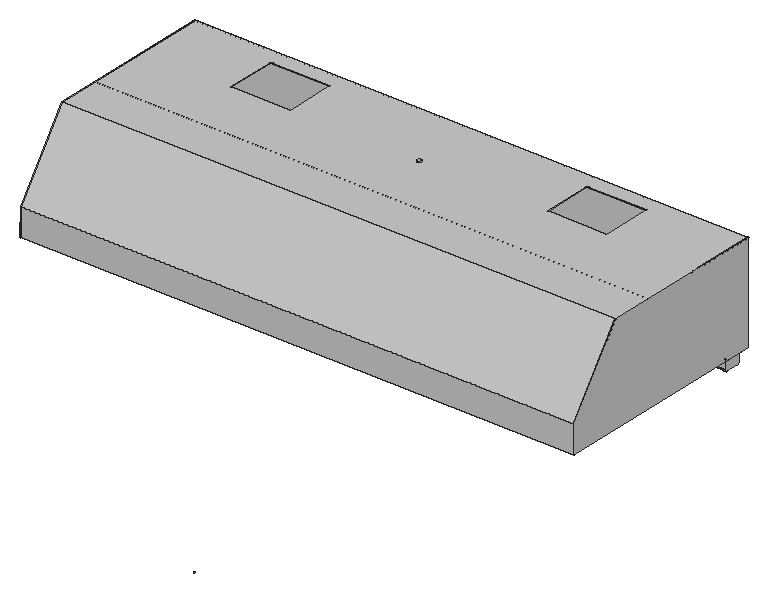
Revit family "QF_ELECTROLUXPROFESSIONAL_644224_ABPV1128BT", category Attrezzature speciali, Revit 2021
Family settings
  Quota connettore circolare = Usa diametro
  Tipo di parte = Normale
  Basato su piano di lavoro = No
  Sempre verticale = Sì
  Taglio con vuoti quando caricato = No
  Condiviso = No
  Punto di calcolo locali = No
Parameters (values of type "Standard")
  Weight = 100.00 kg
  Watts = 840 W
  Volts = 220 V
  URL Manufacturer = "https://www.electroluxprofessional.com/"
  URL = "https://www.electroluxprofessional.com/"
  Steam Supply Size = 0 mm
  Steam Supply Minimum Pressure = 0.0 Pa
  Steam Supply Maximum Pressure = 0.0 Pa
  Steam Consumption per Hour = 0
  Refrigeration Suction Line Size = 0 mm
  Refrigeration Liquid Line Size = 0 mm
  Refrigerant Compressor Remote = yes
  Prospetto di default = 0 mm
  Produttore = "Electrolux Professional"
  Phase = 1
  Modello = "ABPV1128BT"
  Length Actual = 2800 mm  # constant formula
  Item Number = "644224"
  Hot Water Size = 0 mm
  Height Actual = 500 mm  # constant formula
  HP = "1.1 HP"
  Gas Size = 0 mm
  Gas KW = 0
  Gas Input Pressure = 0 W
  Direct Waste Size = 0 mm
  Descrizione = "430 S/S WALL HOOD+FILTER+FAN 2800X1100MM"
  Depth Actual = 1100 mm  # constant formula
  Cycle = 50 Hz
  Condensate Return Size = 0 mm
  Compressed Air Volume = 0.0 L/s
  Compressed Air Size = 0 mm
  Compressed Air Pressure = 0.0 Pa
  Cold Water Size = 0 mm
  Accessory = yes
Reference planes
  plane 1 "Center (Front/Back)": y = 0
  plane 2: z = 0
  plane 3 "Center (Left/Right)": x = 150
  plane 4 "LEFT": x = -1250
  plane 5 "RIGHT": x = 1550
  plane 6 "BACK": y = 550
  plane 7 "FRONT": y = -550
  plane 8 "TOP": z = 2500
  plane 9 "Base": z = 2000
  plane 10: z = 1926
  plane 11 "DrainY": y = 485
  plane 12: x = -1247
  plane 13: through (0, 414.509, 2000.8) normal (0, 0.7314, 0.682)
  plane 14: y = 470
  plane 15: y = 220
  plane 16 "DrainX": x = 1430
  plane 17: x = -500
  plane 18: x = 800
  plane 19: x = -800
  plane 20: x = 1100
  plane 21: x = 1547
  plane 22: x = 1340
  plane 23: x = 1520
  plane 24: x = -1210
  plane 25: x = -845
  plane 26: x = -450
  plane 27: x = 1510
  plane 28: x = 1145
  plane 29: x = 750
  plane 30: z = 2140
  plane 31: y = -290
Forms (mm)
  Extrusion 1, solid, material "QF_Finishes_Stainless Steel"
    sketch origin (-1250, 0, 360) x (0, 1, 0) y (0, 0, 1)
      loop
        line (550, 1640) -> (550, 2140) -> (-290, 2140) -> (-550, 1780) -> (-550, 1640) -> (550, 1640)
    from 0 to 3
  Extrusion 2, solid, material "QF_Finishes_Stainless Steel"
    sketch origin (150, 0, 360) x (0, 1, 0) y (0, 0, 1)
      loop
        line (415.255, 1640) -> (550, 1640) -> (550, 2139.19) -> (549.2, 2139.19) -> (549.2, 1640.8) -> (415.876, 1640.8) -> (339.347, 1722.867) -> (349.609, 1732.436) -> (348.927, 1733.167) -> (337.934, 1722.917) -> (415.255, 1640)
      loop
        line (-82.203, 2139.19) -> (-82.203, 2118.6) -> (-31.047, 2118.6) -> (34.354, 2048.466) -> (46.028, 2059.352) -> (45.346, 2060.083) -> (34.403, 2049.879) -> (-30.612, 2119.6) -> (-81.203, 2119.6) -> (-81.203, 2139.19) -> (-82.203, 2139.19)
    from -1397 to 1397
  Extrusion 3, solid, material "QF_Finishes_Stainless Steel"
    sketch origin (1550, 0, 360) x (0, 1, 0) y (0, 0, 1)
      loop
        line (550, 1640) -> (550, 2140) -> (-290, 2140) -> (-550, 1780) -> (-550, 1640) -> (550, 1640)
    from 0 to -3
  Extrusion 4, solid, material "QF_Finishes_Stainless Steel"
    sketch origin (150, 0, 360) x (0, 1, 0) y (0, 0, 1)
      loop
        line (550, 2139.19) -> (550, 2140) -> (-290, 2140) -> (-550, 1780) -> (-550, 1640) -> (-549.2, 1640) -> (-549.2, 1779.741) -> (-289.598, 2139.19) -> (550, 2139.19)
    from -1400 to 1400
  Extrusion 5, solid, material "QF_Finishes_Stainless Steel"
    sketch origin (150, 0, 360) x (0, 1, 0) y (0, 0, 1)
      loop
        line (534, 1640) -> (436, 1640) -> (436, 1627) -> (443.5, 1627) -> (443.5, 1576)
        arc (443.5, 1576) -> (446.429, 1568.929) -> (453.5, 1566) r 10
        line (453.5, 1566) -> (516.5, 1566)
        arc (516.5, 1566) -> (523.571, 1568.929) -> (526.5, 1576) r 10
        line (526.5, 1576) -> (526.5, 1627) -> (534, 1627) -> (534, 1640)
    from 1190 to 1370
  Extrusion 6, solid, material "QF_Finishes_Stainless Steel"
    sketch origin (0, 0, 2000) x (0, 1, 0) y (-1, 0, 0)
      loop
        circle (485, -1430) r 20
    from -76 to -74
  Extrusion 7, solid, material "QF_Finished_Chrome"
    sketch origin (150, 0, 360) x (0, 1, 0) y (0, 0, 1)
      loop
        line (337.934, 1722.917) -> (341.591, 1726.327) -> (38.011, 2051.876) -> (34.354, 2048.466) -> (337.934, 1722.917)
    from -995 to -1360
  Extrusion 8, solid, material "QF_Finished_Chrome"
    sketch origin (150, 0, 360) x (0, 1, 0) y (0, 0, 1)
      loop
        line (337.934, 1722.917) -> (341.591, 1726.327) -> (38.011, 2051.876) -> (34.354, 2048.466) -> (337.934, 1722.917)
    from 600 to -600
  Extrusion 9, solid, material "QF_Finishes_Stainless Steel"
    sketch origin (150, 0, 360) x (0, 1, 0) y (0, 0, 1)
      loop
        line (337.934, 1722.917) -> (341.591, 1726.327) -> (38.011, 2051.876) -> (34.354, 2048.466) -> (337.934, 1722.917)
    from 1397 to 1360
  Extrusion 10, solid, material "QF_Finishes_Stainless Steel"
    sketch origin (150, 0, 360) x (0, 1, 0) y (0, 0, 1)
      loop
        line (341.588, 1726.324) -> (38.009, 2051.874) -> (34.354, 2048.466) -> (337.934, 1722.917) -> (341.588, 1726.324)
    from -995 to -600
  Extrusion 11, solid, material "QF_Finished_Chrome"
    sketch origin (150, 0, 360) x (0, 1, 0) y (0, 0, 1)
      loop
        line (341.588, 1726.324) -> (38.009, 2051.874) -> (34.354, 2048.466) -> (337.934, 1722.917) -> (341.588, 1726.324)
    from 995 to 1360
  Extrusion 12, void
    sketch origin (0, 0, 2500) x (0, 1, 0) y (-1, 0, 0)
      loop
        line (470, 800) -> (220, 800) -> (220, 500) -> (470, 500) -> (470, 800)
    from 0 to -10
  Extrusion 13, void
    sketch origin (940, 0, 2500) x (0, 1, 0) y (-1, 0, 0)
      loop
        line (470, 140) -> (220, 140) -> (220, -160) -> (470, -160) -> (470, 140)
    from 0 to -10
  Extrusion 14, solid, material "QF_Finishes_Stainless Steel"
    sketch origin (0, 0, 0) x (1, 0, 0) y (0, 1, 0)
      loop
        line (-1250, 550) -> (-1250, 549) -> (-1249, 549) -> (-1249, 550) -> (-1250, 550)
    from 0 to 1
  Extrusion 15, solid, material "QF_Finishes_Stainless Steel"
    sketch origin (150, 0, 360) x (0, 1, 0) y (0, 0, 1)
      loop
        line (337.934, 1722.917) -> (341.591, 1726.327) -> (38.011, 2051.876) -> (34.354, 2048.466) -> (337.934, 1722.917)
    from -1360 to -1397
  Extrusion 16, solid, material "QF_Finishes_Stainless Steel"
    sketch origin (150, 0, 360) x (0, 1, 0) y (0, 0, -1)
      loop
        line (341.588, -1726.324) -> (337.934, -1722.917) -> (34.354, -2048.466) -> (38.009, -2051.874) -> (341.588, -1726.324)
    from -995 to -600
  Extrusion 17, solid, material "QF_Finishes_Stainless Steel"
    sketch origin (0, 0, 2500) x (0, 1, 0) y (-1, 0, 0)
      loop
        circle (220, -150) r 10
    from 0 to 1.6
Cuts and joins
  Extrusion 12, Extrusion 13 cuts Extrusion 4
  joined: Extrusion 2, Extrusion 4
Lines and regions (mm)
  reference lines
    curve 1: line (150, 34.354, 2408.466) -> (150, 34.354, 2248.466)
  symbolic lines, style "SpecialityEquipment", detail levels coarse
    curve 2: line (1550, 550, 2500) -> (-1250, 550, 2500)
    curve 3: line (-1250, 550, 2500) -> (-1250, -550, 2500)
    curve 4: line (1550, -550, 2500) -> (1550, 550, 2500)
    curve 5: line (-1250, -550, 2500) -> (1550, -550, 2500)
    curve 6: line (-800, 220, 2500) -> (-500, 220, 2500)
    curve 7: line (-800, 470, 2500) -> (-800, 220, 2500)
    curve 8: line (-500, 470, 2500) -> (-800, 470, 2500)
    curve 9: line (-500, 220, 2500) -> (-500, 470, 2500)
    curve 10: line (800, 470, 2500) -> (800, 220, 2500)
    curve 11: line (800, 220, 2500) -> (1100, 220, 2500)
    curve 12: line (1100, 470, 2500) -> (800, 470, 2500)
    curve 13: line (1100, 220, 2500) -> (1100, 470, 2500)
    curve 14: line (-1250, -290, 0) -> (1550, -290, 0)
    curve 15: line (-1250, 550, 0) -> (1550, -290, 0)
    curve 16: line (1550, 550, 0) -> (-1250, -290, 0)
Dimensions and locks
  plane 4 "LEFT" to plane 5 "RIGHT" = 2800 mm
  equal spacing: plane 4 "LEFT", plane 3 "Center (Left/Right)", plane 5 "RIGHT"
  locked: plane 8 "TOP" to plane 9 "Base" at 500
  plane 9 "Base" to plane 10 = 74 mm
  plane 6 "BACK" to plane 11 "DrainY" = 65 mm  (x2)
  plane 4 "LEFT" to plane 12 = 3 mm
  plane 6 "BACK" to plane 14 = 80 mm
  plane 14 to plane 15 = 250 mm  (x2)
  plane 16 "DrainX" to plane 5 "RIGHT" = 120 mm
  locked: plane 17 to plane 18 at 1300
  equal spacing: plane 17, plane 3 "Center (Left/Right)", plane 18
  plane 19 to plane 17 = 300 mm
  plane 18 to plane 20 = 300 mm
  plane 21 to plane 5 "RIGHT" = 3 mm
  locked: plane 22 to plane 16 "DrainX" at 90
  locked: plane 16 "DrainX" to plane 23 at 90
  plane 6 "BACK" to plane 7 "FRONT" = 1100 mm  (x2)
  equal spacing: plane 6 "BACK", plane 1 "Center (Front/Back)", plane 7 "FRONT"
  plane 15 to plane 7 "FRONT" = 770 mm
  plane 14 to plane 6 "BACK" = 80 mm
  locked: plane 4 "LEFT" to plane 24 at 40
  locked: plane 24 to plane 25 at 365
  locked: plane 25 to plane 26 at 395
  locked: plane 27 to plane 28 at 365
  locked: plane 28 to plane 29 at 395
  locked: plane 27 to plane 5 "RIGHT" at 40
  plane 26 to plane 29 = 1200 mm
  plane 30 to plane 9 "Base" = 140 mm
  plane 31 to plane 7 "FRONT" = 260 mm
  locked: plane 9 "Base" to level at 2000
  aligned and locked: level to plane 2
  aligned and locked: Extrusion 2 to Extrusion 1
  aligned and locked: Extrusion 2 to Extrusion 3
  aligned and locked: plane 5 "RIGHT" to Extrusion 4
  aligned and locked: Extrusion 4 to plane 4 "LEFT"
  aligned and locked: plane 21 to Extrusion 9
  aligned and locked: plane 19 to Extrusion 12
  aligned and locked: Extrusion 12 to plane 17
  aligned and locked: Extrusion 12 to plane 15
  aligned and locked: Extrusion 12 to plane 14
  aligned and locked: Extrusion 13 to plane 20
  aligned and locked: plane 18 to Extrusion 13
  aligned and locked: plane 23 to Extrusion 5
  aligned and locked: Extrusion 5 to plane 22
  aligned and locked: Extrusion 9 to plane 27
  aligned and locked: Extrusion 11 to plane 27
  aligned and locked: Extrusion 11 to plane 28
  aligned and locked: Extrusion 8 to plane 29
  aligned and locked: Extrusion 8 to plane 26
  aligned and locked: plane 26 to Extrusion 10
  aligned and locked: Extrusion 10 to plane 25
  aligned and locked: plane 25 to Extrusion 7
  aligned and locked: Extrusion 7 to plane 24
  aligned and locked: Extrusion 15 to plane 12
  aligned and locked: plane 24 to Extrusion 15
  aligned and locked: Extrusion 16 to plane 29
  aligned and locked: Extrusion 16 to plane 28
  aligned and locked: Extrusion 3 to plane 21
Automatic sketch dimensions
  curve 5 to plane 4 "LEFT" = 0 mm
  curve 5 to plane 7 "FRONT" = 0 mm
  curve 9 to plane 15 = 0 mm
  curve 10 to plane 15 = 0 mm
  plane 14 to curve 8 = 0 mm
  plane 14 to curve 12 = 0 mm
  curve 3 to plane 6 "BACK" = 0 mm
  curve 5 to plane 5 "RIGHT" = 0 mm
  curve 11 to plane 20 = 0 mm
  curve 10 to plane 18 = 0 mm
  curve 6 to plane 17 = 0 mm
  curve 6 to plane 19 = 0 mm
  Extrusion 2 sketch curve to plane 13 = 0 mm  (x3)
  Extrusion 2 sketch curve to plane 9 "Base" = 0 mm
  plane 13 to Extrusion 2 sketch curve = 0 mm
  Extrusion 2 sketch curve to plane 6 "BACK" = 0 mm
  Extrusion 2 sketch curve to Extrusion 2 sketch curve = 65.646 mm
  Extrusion 2 sketch curve to Extrusion 2 sketch curve = 0.682 mm  (x2)
  Extrusion 2 sketch curve to Extrusion 2 sketch curve = 10.261 mm
  plane 9 "Base" to Extrusion 2 sketch curve = 82.917 mm
  Extrusion 2 sketch curve to plane 1 "Center (Front/Back)" = 46.028 mm
  Extrusion 2 sketch curve to Extrusion 2 sketch curve = 10.942 mm
  Extrusion 2 sketch curve to Extrusion 2 sketch curve = 0.049 mm
  Extrusion 2 sketch curve to plane 8 "TOP" = 20.4 mm
  Extrusion 2 sketch curve to plane 8 "TOP" = 21.4 mm
  Extrusion 2 sketch curve to plane 8 "TOP" = 0.81 mm  (x2)
  Extrusion 2 sketch curve to Extrusion 2 sketch curve = 50.156 mm
  Extrusion 2 sketch curve to Extrusion 2 sketch curve = 1 mm
  plane 9 "Base" to Extrusion 2 sketch curve = 0.8 mm
  Extrusion 2 sketch curve to plane 6 "BACK" = 0.8 mm
  curve 1 to plane 13 = 0 mm
  curve 1 to plane 1 "Center (Front/Back)" = 34.354 mm
  Extrusion 5 sketch curve to plane 9 "Base" = 0 mm
  Extrusion 5 sketch curve to plane 10 = 0 mm
  Extrusion 5 sketch curve to plane 9 "Base" = 13 mm  (x2)
  plane 14 to Extrusion 5 sketch curve = 34 mm
  Extrusion 5 sketch curve to Extrusion 5 sketch curve = 7.5 mm  (x2)
  Extrusion 5 sketch curve to Extrusion 5 sketch curve = 10 mm
  plane 11 "DrainY" to Extrusion 5 sketch curve = 31.5 mm
  Extrusion 5 sketch curve to plane 6 "BACK" = 23.5 mm
  Extrusion 6 sketch curve to plane 11 "DrainY" = 0 mm
  Extrusion 6 sketch curve to plane 16 "DrainX" = 0 mm
  Extrusion 7 sketch curve to plane 13 = 0 mm  (x2)
  Extrusion 7 sketch curve to plane 1 "Center (Front/Back)" = 34.354 mm
  Extrusion 7 sketch curve to Extrusion 7 sketch curve = 3.657 mm
  plane 9 "Base" to Extrusion 7 sketch curve = 82.917 mm
  Extrusion 8 sketch curve to plane 13 = 0 mm  (x2)
  Extrusion 8 sketch curve to plane 1 "Center (Front/Back)" = 34.354 mm
  Extrusion 8 sketch curve to Extrusion 8 sketch curve = 3.657 mm
  plane 9 "Base" to Extrusion 8 sketch curve = 82.917 mm
  Extrusion 9 sketch curve to plane 13 = 0 mm  (x2)
  Extrusion 9 sketch curve to plane 1 "Center (Front/Back)" = 34.354 mm
  Extrusion 9 sketch curve to Extrusion 9 sketch curve = 3.657 mm
  plane 9 "Base" to Extrusion 9 sketch curve = 82.917 mm
  Extrusion 10 sketch curve to plane 13 = 0 mm  (x2)
  Extrusion 10 sketch curve to plane 1 "Center (Front/Back)" = 34.354 mm
  Extrusion 10 sketch curve to Extrusion 10 sketch curve = 3.655 mm
  plane 9 "Base" to Extrusion 10 sketch curve = 82.917 mm
  Extrusion 11 sketch curve to plane 13 = 0 mm  (x2)
  Extrusion 11 sketch curve to plane 1 "Center (Front/Back)" = 34.354 mm
  Extrusion 11 sketch curve to Extrusion 11 sketch curve = 3.655 mm
  plane 9 "Base" to Extrusion 11 sketch curve = 82.917 mm
  Extrusion 12 sketch curve to plane 15 = 0 mm
  plane 14 to Extrusion 12 sketch curve = 0 mm
  Extrusion 12 sketch curve to plane 17 = 0 mm
  Extrusion 12 sketch curve to plane 19 = 0 mm
  Extrusion 13 sketch curve to plane 15 = 0 mm
  plane 14 to Extrusion 13 sketch curve = 0 mm
  Extrusion 13 sketch curve to plane 20 = 0 mm
  Extrusion 13 sketch curve to plane 18 = 0 mm
  Extrusion 14 sketch curve to plane 4 "LEFT" = 0 mm
  Extrusion 14 sketch curve to plane 6 "BACK" = 0 mm
  plane 4 "LEFT" to Extrusion 14 sketch curve = 1 mm
  Extrusion 14 sketch curve to plane 6 "BACK" = 1 mm
  Extrusion 15 sketch curve to plane 13 = 0 mm  (x2)
  Extrusion 15 sketch curve to plane 1 "Center (Front/Back)" = 34.354 mm
  Extrusion 15 sketch curve to Extrusion 15 sketch curve = 3.657 mm
  plane 9 "Base" to Extrusion 15 sketch curve = 82.917 mm
  Extrusion 16 sketch curve to plane 13 = 0 mm  (x2)
  Extrusion 16 sketch curve to plane 1 "Center (Front/Back)" = 34.354 mm
  Extrusion 16 sketch curve to Extrusion 16 sketch curve = 3.655 mm
  plane 9 "Base" to Extrusion 16 sketch curve = 82.917 mm
  curve 1 to curve 1 = 160 mm
  Extrusion 4 sketch curve to plane 7 "FRONT" = 0 mm
  Extrusion 4 sketch curve to plane 8 "TOP" = 0 mm
  Extrusion 4 sketch curve to plane 31 = 0 mm
  Extrusion 4 sketch curve to plane 6 "BACK" = 0 mm
  Extrusion 4 sketch curve to plane 9 "Base" = 0 mm
  Extrusion 4 sketch curve to plane 30 = 0 mm
  Extrusion 4 sketch curve to plane 30 = 0.259 mm
  plane 7 "FRONT" to Extrusion 4 sketch curve = 0.8 mm
  Extrusion 4 sketch curve to Extrusion 4 sketch curve = 0.81 mm
  Extrusion 4 sketch curve to plane 31 = 0.402 mm
  Extrusion 1 sketch curve to plane 7 "FRONT" = 0 mm
  Extrusion 1 sketch curve to plane 8 "TOP" = 0 mm
  Extrusion 1 sketch curve to plane 31 = 0 mm
  Extrusion 1 sketch curve to plane 6 "BACK" = 0 mm
  Extrusion 1 sketch curve to plane 9 "Base" = 0 mm
  Extrusion 1 sketch curve to plane 30 = 0 mm
  Extrusion 3 sketch curve to plane 7 "FRONT" = 0 mm
  Extrusion 3 sketch curve to plane 8 "TOP" = 0 mm
  Extrusion 3 sketch curve to plane 31 = 0 mm
  Extrusion 3 sketch curve to plane 6 "BACK" = 0 mm
  Extrusion 3 sketch curve to plane 9 "Base" = 0 mm
  Extrusion 3 sketch curve to plane 30 = 0 mm
  curve 16 to plane 4 "LEFT" = 0 mm
  curve 15 to plane 4 "LEFT" = 0 mm
  curve 16 to plane 5 "RIGHT" = 0 mm
  curve 14 to plane 5 "RIGHT" = 0 mm
  plane 31 to curve 14 = 0 mm
  curve 16 to plane 6 "BACK" = 0 mm
  curve 15 to plane 6 "BACK" = 0 mm
  Extrusion 17 sketch curve to plane 3 "Center (Left/Right)" = 0 mm
  Extrusion 17 sketch curve to plane 15 = 0 mm
  radius of Extrusion 6 sketch curve = 20 mm
  radius of Extrusion 17 sketch curve = 10 mm
Connectors
  piping at (1430, 485, 1924), diameter 20
    settings: on Extrusion 6, index 1, connector inside diameter 609.6 mm, connector length 0 mm, flow factor 0, pipe flow 0.0 L/s, pressure drop 0.0 Pa, fitting loss kfactor 0, connector angle 0.00°, fixture units 0, engagement length 0 mm, angle of deflection 0.00°, flow configuration 1, flow direction 2, fitting loss method 0, system type 16, joint type 0, gender type 0, connector reference index -1, connector utility 0, adjustable connector no, is connector primary yes, connector description "Drain"
  hvac at (-650, 345, 2500)
    settings: on Extrusion 12, index 2, duct flow 0.0 L/s, flow factor 0, pres drop 0.0 Pa, loss coef 0, conn angle 0.00°, conn width 250 mm, conn height 300 mm, conn diameter 609.6 mm, duct sys type 3, conn prof type 1, flow config 1, flow direction 2, loss method 0, conn ref index -1, conn util no, is conn primary yes, conn desc "EXHAUST OUTLET"
  hvac at (950, 345, 2500)
    settings: on Extrusion 13, index 3, duct flow 0.0 L/s, flow factor 0, pres drop 0.0 Pa, loss coef 0, conn angle 0.00°, conn width 250 mm, conn height 300 mm, conn diameter 609.6 mm, duct sys type 3, conn prof type 1, flow config 1, flow direction 2, loss method 0, conn ref index -1, conn util no, is conn primary no, conn desc "EXHAUST OUTLET"
  electrical at (150, 220, 2501.6), driven by "Volts"
    settings: on Extrusion 17, index 4, voltage 220 V, apparent load 0 VA, apparent load phase1 0 VA, apparent load phase2 0 VA, apparent load phase3 0 VA, power factor 1, load classification "Other", number of poles 1, system type 30, power factor state 1, is connector primary yes, connector utility no, sub classification motor no, connector description "Electrical Connection"
